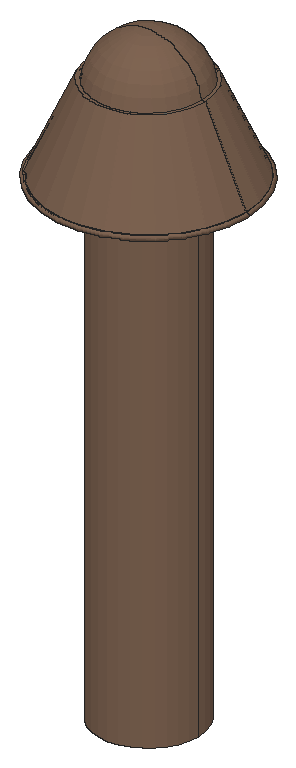
Revit family "BOL7", category Generic Models, host Floor, Revit 2024
Family settings
  Host = Floor
  Can host rebar = No
  Round Connector Dimension = Use Diameter
  Part Type = Normal
  Always vertical = Yes
  Cut with Voids When Loaded = No
  Maintain Annotation Orientation = No
  Shared = No
  Room Calculation Point = No
Parameters
  Default Elevation = 0' - 0"
Reference planes (in)
  plane 1 "Center (Front/Back)": y = 0
  plane 2: z = 0
  plane 3 "Center (Left/Right)": x = 0
Forms (in)
  Revolve 1, solid
    sketch origin (0, 0, 0) x (1, 0, 0) y (0, 0, 1)
      loop
        line (-3.49975, 32.76341) -> (-3.49975, 0) -> (-3.406, 0) -> (-3.406, 32.76341) -> (-3.49975, 32.76341)
      loop
        arc (0, 43.00087) -> (-2.4407, 42.11721) -> (-3.75, 39.87587) r 3.8125
        line (-3.75, 39.87587) -> (-4, 39.87587) -> (-6.77083, 33.93837) -> (-6.84375, 33.93837)
        arc (-6.84375, 33.93837) -> (-6.92409, 33.64811) -> (-6.70593, 33.85575) r 0.15625
        line (-6.70593, 33.85575) -> (-3.94029, 39.78212) -> (-3.67104, 39.78212)
        arc (-3.67104, 39.78212) -> (-2.41051, 42.02007) -> (0, 42.90712) r 3.71875
        line (0, 42.90712) -> (0, 43.00087)
      axis (0, 43.00087) -> (0, 0)
    angle from 0 to 360
  Revolve 2, solid, material "ACRL"
    sketch origin (0, 0, 0) x (1, 0, 0) y (0, 0, 1)
      loop
        line (-3.48814, 32.76341) -> (-3.39439, 32.76341) -> (-3.39439, 39.76341) -> (-3.48814, 39.76341) -> (-3.48814, 32.76341)
      axis (0, 39.76341) -> (0, 32.76341)
    angle from 0 to 360
  Revolve 3, solid, material "78"
    sketch origin (0, 0, 0) x (1, 0, 0) y (0, 0, 1)
      loop
        line (-2.74055, 39.76341) -> (-3.125, 39.41726) -> (-3.125, 39.30187) -> (-2.6483, 39.30187) -> (-2.6483, 39.02917) -> (-3.125, 38.59995) -> (-3.125, 38.48456) -> (-2.6483, 38.48456) -> (-2.6483, 38.21187) -> (-3.125, 37.78264) -> (-3.125, 37.66726) -> (-2.6483, 37.66726) -> (-2.6483, 37.39456) -> (-3.125, 36.96533) -> (-3.125, 36.84995) -> (-2.6483, 36.84995) -> (-2.6483, 36.57725) -> (-3.125, 36.14803) -> (-3.125, 36.03264) -> (-2.6483, 36.03264) -> (-2.6483, 35.75995) -> (-3.125, 35.33072) -> (-3.125, 35.21533) -> (-2.6483, 35.21533) -> (-2.6483, 34.94264) -> (-3.125, 34.51341) -> (-3.125, 34.39803) -> (-2.6483, 34.39803) -> (-2.6483, 34.12533) -> (-3.125, 33.6961) -> (-3.125, 33.58072) -> (-2.6483, 33.58072) -> (-2.6483, 33.30802) -> (-3.125, 32.8788) -> (-3.125, 32.76341) -> (-2.6483, 32.76341) -> (-2.3983, 32.76341) -> (-2.3983, 39.76341) -> (-2.74055, 39.76341)
      axis (0, 39.76341) -> (0, 32.76341)
    angle from 0 to 360
Dimensions and locks (in)
  equal spacing: host sketch curve, plane 1 "Center (Front/Back)", host sketch curve
  equal spacing: host sketch curve, plane 3 "Center (Left/Right)", host sketch curve
  host sketch curve to host sketch curve = 10' - 0"  (x2)
  aligned and locked: level to plane 2
